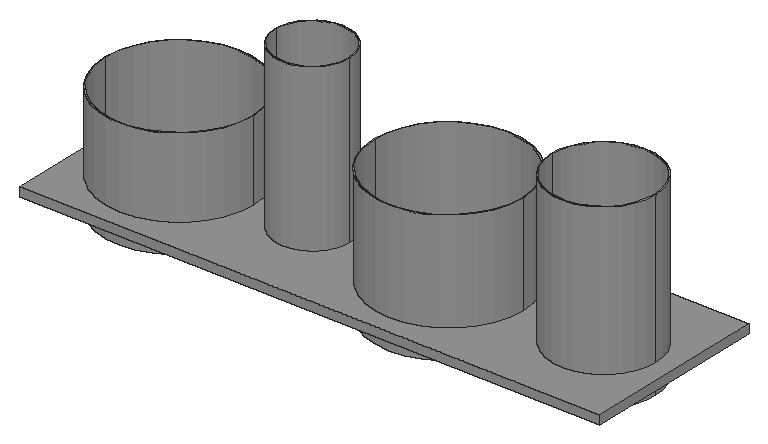
Revit family "40297 Сет из 4 вазонов «Цветник» Хоббика", category Антураж, Revit 2018
Family settings
  На основе рабочей плоскости = Нет
  Всегда вертикально = Да
  При загрузке вырезать с полостями = Нет
  Источник визуального образа = Геометрия семейства
  Общий = Нет
  Точка расчета площади = Нет
Parameters (values of type "Сет из 4 вазонов «Цветник»")
  Ширина = 620 mm  # constant formula
  Цвет каркаса = Сталь
  Цвет вазон 4 = Вазон 4
  Цвет вазон 3 = Вазон 3
  Цвет вазон 2 = Вазон 2
  Цвет вазон 1 = Вазон 1
  Описание = "Сет из 4 вазонов «Цветник»"  # constant formula
  Материал изделия = "Сталь"  # constant formula
  Изображение типоразмера = Сет из 4 вазонов «Цветник» Арт 40297.jpg
  Изготовитель = "ООО «Хоббика»"  # constant formula
  Длина = 1940 mm  # constant formula
  Группа модели = "Цветочницы и уличные вазоны для цветов"  # constant formula
  Высота = 650 mm  # constant formula
  Артикул товара = "Арт. 40297"  # constant formula
  URL = "https://hobbyka.ru/product/set_iz_5_vazonov_oranzhereya"
Reference planes
  plane 1 "По центру (Вперед/Назад)": y = 0
  plane 2: z = 0
  plane 3 "По центру (Влево/Вправо)": x = 0
  plane 4: y = 620
  plane 5: x = 1940
  plane 6: z = 650
Forms (mm)
  Extrusion 1, solid, material "Вазон 4" <- "Цвет вазон 4"
    sketch origin (565.94, 0, 0) x (1, 0, 0) y (0, 1, 0)
      loop
        circle (1137.182, 310) r 175
    from 0 to 600.545
  Extrusion 2, solid, material "Вазон 1" <- "Цвет вазон 1"
    sketch origin (-15, 0, 0) x (1, 0, 0) y (0, 1, 0)
      loop
        circle (298.377, 310) r 250
    from 0 to 365.109
  Extrusion 3, solid, material "Вазон 2" <- "Цвет вазон 2"
    sketch origin (-15, -110, 0) x (1, 0, 0) y (0, 1, 0)
      loop
        circle (744.285, 420) r 125
    from 0 to 650
  Extrusion 4, solid, material "Вазон 3" <- "Цвет вазон 3"
    sketch origin (228, 50, 0) x (1, 0, 0) y (0, 1, 0)
      loop
        circle (957.268, 260) r 250
    from 0 to 435.966
  Extrusion 5, solid, material "Сталь" <- "Цвет каркаса"
    sketch origin (71.77, -480, 0) x (1, 0, 0) y (0, 1, 0)
      loop
        line (1868.23, 1100) -> (-71.77, 1100) -> (-71.77, 480) -> (1868.23, 480) -> (1868.23, 1100)
      loop
        circle (1631.352, 790) r 175
      loop
        circle (1113.498, 790) r 250
      loop
        circle (657.515, 790) r 125
      loop
        circle (211.607, 790) r 250
    from 70 to 100
  Extrusion 6, void
    sketch origin (0, 0, 0) x (1, 0, 0) y (0, 1, 0)
      loop
        circle (729.285, 310) r 122.5
      loop
        circle (283.377, 310) r 247.5
      loop
        circle (1185.268, 310) r 247.5
      loop
        circle (1703.122, 310) r 172.5
    from 2.5 to 650
Cuts and joins
  Extrusion 6 cuts Extrusion 1
  Extrusion 6 cuts Extrusion 2
  Extrusion 6 cuts Extrusion 3
  Extrusion 6 cuts Extrusion 4
Dimensions and locks
  "Ширина": plane 4 to plane 1 "По центру (Вперед/Назад)"
  "Длина": plane 5 to plane 3 "По центру (Влево/Вправо)"
  "Высота": plane 6 to plane 2
  aligned and locked: level to plane 2
Automatic sketch dimensions
  Extrusion 1 sketch curve to plane 1 "По центру (Вперед/Назад)" = 310 mm
  Extrusion 1 sketch curve to plane 5 = 236.878 mm
  plane 3 "По центру (Влево/Вправо)" to Extrusion 2 sketch curve = 283.377 mm
  Extrusion 2 sketch curve to plane 1 "По центру (Вперед/Назад)" = 310 mm
  Extrusion 3 sketch curve to plane 4 = 310 mm
  plane 3 "По центру (Влево/Вправо)" to Extrusion 3 sketch curve = 729.285 mm
  Extrusion 4 sketch curve to plane 1 "По центру (Вперед/Назад)" = 310 mm
  plane 3 "По центру (Влево/Вправо)" to Extrusion 4 sketch curve = 1185.268 mm
  plane 3 "По центру (Влево/Вправо)" to Extrusion 5 sketch curve = 0 mm
  plane 1 "По центру (Вперед/Назад)" to Extrusion 5 sketch curve = 0 mm
  plane 5 to Extrusion 5 sketch curve = 0 mm
  Extrusion 5 sketch curve to plane 4 = 0 mm
  Extrusion 5 sketch curve to plane 5 = 236.878 mm
  Extrusion 5 sketch curve to plane 1 "По центру (Вперед/Назад)" = 310 mm  (x3)
  Extrusion 5 sketch curve to Extrusion 5 sketch curve = 175 mm
  Extrusion 5 sketch curve to Extrusion 5 sketch curve = 342.854 mm
  Extrusion 5 sketch curve to Extrusion 5 sketch curve = 250 mm
  Extrusion 5 sketch curve to Extrusion 5 sketch curve = 205.983 mm
  Extrusion 5 sketch curve to Extrusion 5 sketch curve = 0 mm  (x3)
  Extrusion 5 sketch curve to Extrusion 5 sketch curve = 125 mm
  plane 3 "По центру (Влево/Вправо)" to Extrusion 5 sketch curve = 283.377 mm
  plane 3 "По центру (Влево/Вправо)" to Extrusion 5 sketch curve = 33.377 mm
  Extrusion 6 sketch curve to plane 1 "По центру (Вперед/Назад)" = 310 mm  (x3)
  plane 3 "По центру (Влево/Вправо)" to Extrusion 6 sketch curve = 729.285 mm
  Extrusion 6 sketch curve to Extrusion 6 sketch curve = 122.5 mm
  plane 3 "По центру (Влево/Вправо)" to Extrusion 6 sketch curve = 283.377 mm
  Extrusion 6 sketch curve to Extrusion 6 sketch curve = 75.908 mm
  Extrusion 6 sketch curve to Extrusion 6 sketch curve = 333.483 mm
  Extrusion 6 sketch curve to Extrusion 6 sketch curve = 85.983 mm
  Extrusion 6 sketch curve to Extrusion 6 sketch curve = 0 mm  (x3)
  Extrusion 6 sketch curve to plane 5 = 236.878 mm
  Extrusion 6 sketch curve to Extrusion 6 sketch curve = 97.854 mm
  radius of Extrusion 1 sketch curve = 175 mm
  radius of Extrusion 2 sketch curve = 250 mm
  radius of Extrusion 3 sketch curve = 125 mm
  radius of Extrusion 4 sketch curve = 250 mm
